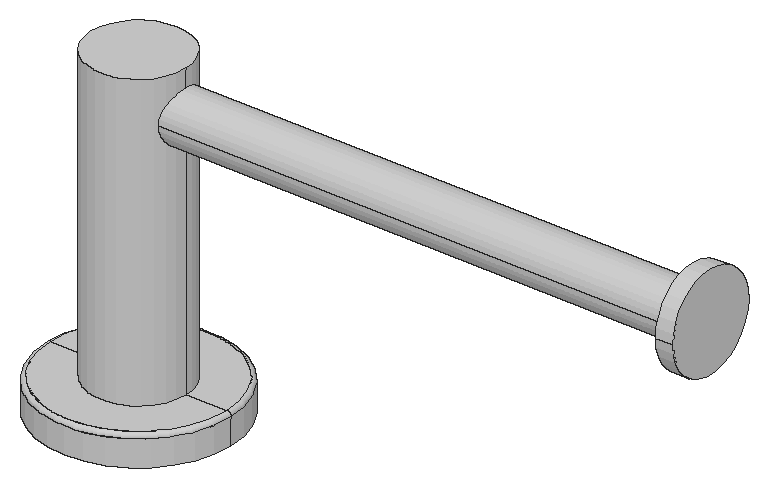
Revit family "LIANO II TOILET ROLL HOLDER", category Specialty Equipment, host Face, Revit 2020
Family settings
  Host = Face
  Round Connector Dimension = Use Radius
  Part Type = Normal
  OmniClass Number = 23.40.20.21.21
  OmniClass Title = Toilet Paper Dispensers
  Cut with Voids When Loaded = No
  Shared = No
  Room Calculation Point = No
Parameters (values of type "LIANO II TOILET ROLL HOLDER - CHROME")
  URL = "https://www.caroma.com.au/"
  Model = "96441C"
  Material_Base = GWA_Metal-Chrome
  Manufacturer = "GWA Bathrooms & Kitchens"  # constant formula
  Description = "LIANO II TOILET ROLL HOLDER - CHROME"
  Default Elevation = 1000.00 mm
  CreatedBy_ANZRS = "GWA Bathrooms & Kitchens"  # constant formula
  Assembly Code = "C1030220"
Types (7, lengths in mm): name | Model | Material_Base | Description
  (no name) | "96441C" | GWA_Metal-Chrome | "LIANO II TOILET ROLL HOLDER - CHROME"
  LIANO II TOILET ROLL HOLDER - CHROME | "96441C" | GWA_Metal-Chrome | "LIANO II TOILET ROLL HOLDER - CHROME"
  LIANO II TOILET ROLL HOLDER - MATTE BLACK | "96441B" | GWA-Metal-Black | "LIANO II TOILET ROLL HOLDER - MATTE BLACK"
  LIANO II TOILET ROLL HOLDER - BRUSHED NICKEL | "96441BN" | GWA_Metal-Brushed-Nickel | "LIANO II TOILET ROLL HOLDER - BRUSHED NICKEL"
  LIANO II TOILET ROLL HOLDER - BRUSHED BRASS | "96441BB" | GWA_Metal-Brushed-Brass | "LIANO II TOILET ROLL HOLDER - BRUSHED BRASS"
  LIANO II TOILET ROLL HOLDER - GUNMETAL | "96441GM" | GWA-Metal-Gunmetal Grey | "LIANO II TOILET ROLL HOLDER - GUNMETAL"
  LIANO II TOILET ROLL HOLDER - BRUSHED BRONZE | "96441BBZ" | GWA_Metal-Brushed-Bronze | "LIANO II TOILET ROLL HOLDER - BRUSHED BRONZE"
Reference planes
  plane 1 "Center (Front/Back)": y = 0
  plane 2: z = 0
  plane 3 "Center (Left/Right)": x = 0
Forms (mm)
  Revolve 1, solid, material "GWA_Metal-Chrome" <- "Material_Base"
    sketch origin (0, 0, 0) x (1, 0, 0) y (0, 0, 1)
      loop
        line (0, 7) -> (0, 0) -> (21.5, 0) -> (21.5, 6)
        arc (21.5, 6) -> (21.207, 6.707) -> (20.5, 7) r 1
        line (20.5, 7) -> (0, 7)
      axis (0, 0) -> (0, 7)
    angle from 0 to 360
  Extrusion 2, solid, material "GWA_Metal-Chrome" <- "Material_Base"
    sketch origin (0, 0, 0) x (1, 0, 0) y (0, 1, 0)
      loop
        circle (0, 0) r 11
    from 0 to 75
  Extrusion 3, solid, material "GWA_Metal-Chrome" <- "Material_Base"
    sketch origin (0, 0, 0) x (0, 1, 0) y (0, 0, 1)
      loop
        circle (0, 65) r 6
    from 0 to 129
  Extrusion 4, solid, material "GWA_Metal-Chrome" <- "Material_Base"
    sketch origin (0, 0, 0) x (0, 1, 0) y (0, 0, 1)
      loop
        circle (0, 65) r 11
    from 129 to 133
Cuts and joins
  joined: Revolve 1, Extrusion 2, Extrusion 3, Extrusion 4
Lines and regions (mm)
  Masking region 1
    outline origin (125, 0, 0) x (1, 0, 0) y (0, 1, 0)
      loop
        line (4, 6) -> (-104.354, 6)
        arc (-104.354, 6) -> (-146.5, 0) -> (-104.354, -6) r 21.5
        line (-104.354, -6) -> (4, -6) -> (4, -11) -> (8, -11) -> (8, 11) -> (4, 11) -> (4, 6)
  Masking region 2
    outline origin (125, 0, 0) x (1, 0, 0) y (0, 0, 1)
      loop
        line (-136, 7) -> (-145.5, 7)
        arc (-145.5, 7) -> (-146.207, 6.707) -> (-146.5, 6) r 1
        line (-146.5, 6) -> (-146.5, 0) -> (-103.5, 0) -> (-103.5, 6)
        arc (-103.5, 6) -> (-103.793, 6.707) -> (-104.5, 7) r 1
        line (-104.5, 7) -> (-114, 7) -> (-114, 59) -> (4, 59) -> (4, 54) -> (8, 54) -> (8, 76) -> (4, 76) -> (4, 71) -> (-114, 71) -> (-114, 75) -> (-136, 75) -> (-136, 7)
  Masking region 3
    outline origin (300, 0, 0) x (0, 1, 0) y (0, 0, 1)
      loop
        line (11, 7) -> (11, 75) -> (4.583, 75)
        arc (4.583, 75) -> (0, 76) -> (-4.583, 75) r 11
        line (-4.583, 75) -> (-11, 75) -> (-11, 7) -> (-20.5, 7)
        arc (-20.5, 7) -> (-21.207, 6.707) -> (-21.5, 6) r 1
        line (-21.5, 6) -> (-21.5, 0) -> (21.5, 0) -> (21.5, 6)
        arc (21.5, 6) -> (21.207, 6.707) -> (20.5, 7) r 1
        line (20.5, 7) -> (11, 7)
  symbolic lines
    curve 1: arc (20.646, 6, 0) -> (-21.5, 0, 0) -> (20.646, -6, 0) r 21.5
    curve 2: circle (0, 0, 0) r 11 normal (0, 0, 1)
    curve 3: line (129, 6, 0) -> (9.22, 6, 0)
    curve 4: line (129, -6, 0) -> (9.22, -6, 0)
    curve 5: line (129, 0, 59) -> (11, 0, 59)
    curve 6: line (129, 0, 71) -> (11, 0, 71)
    curve 7: line (-21.5, 0, 0) -> (-21.5, 0, 6)
    curve 8: line (-20.5, 0, 7) -> (20.5, 0, 7)
    curve 9: line (21.5, 0, 0) -> (21.5, 0, 6)
    curve 10: line (21.5, 0, 0) -> (-21.5, 0, 0)
    curve 11: line (-11, 0, 75) -> (11, 0, 75)
    curve 12: line (11, 0, 75) -> (11, 0, 71)
    curve 13: line (-11, 0, 75) -> (-11, 0, 7)
    curve 14: arc (-21.5, 0, 6) -> (-21.207, 0, 6.707) -> (-20.5, 0, 7) r 1
    curve 15: arc (20.5, 0, 7) -> (21.207, 0, 6.707) -> (21.5, 0, 6) r 1
    curve 16: arc (11, 0, 71) -> (9.22, 0, 65) -> (11, 0, 59) r 11
    curve 17: line (11, 0, 59) -> (11, 0, 7)
    curve 18: line (300, -21.5, 0) -> (300, 21.5, 0)
    curve 19: line (300, 21.5, 0) -> (300, 21.5, 6)
    curve 20: line (300, 20.5, 7) -> (300, -20.5, 7)
    curve 21: line (300, -21.5, 6) -> (300, -21.5, 0)
    curve 22: line (300, 11, 75) -> (300, 11, 7)
    curve 23: line (300, -11, 75) -> (300, -11, 7)
    curve 24: arc (300, -21.5, 6) -> (300, -21.207, 6.707) -> (300, -20.5, 7) r 1
    curve 25: arc (300, 20.5, 7) -> (300, 21.207, 6.707) -> (300, 21.5, 6) r 1
    curve 26: line (129, 11, 0) -> (133, 11, 0)
    curve 27: line (129, -11, 0) -> (129, 11, 0)
    curve 28: line (133, -11, 0) -> (129, -11, 0)
    curve 29: line (133, 11, 0) -> (133, -11, 0)
    curve 30: line (133, 0, 76) -> (129, 0, 76)
    curve 31: line (133, 0, 54) -> (133, 0, 76)
    curve 32: line (129, 0, 54) -> (133, 0, 54)
    curve 33: line (129, 0, 76) -> (129, 0, 54)
    curve 34: circle (300, 0, 65) r 11 normal (1, 0, 0)
    curve 35: line (300, -11, 75) -> (300, -4.583, 75)
    curve 36: line (300, 11, 75) -> (300, 4.583, 75)
Dimensions and locks
  aligned and locked: plane 2 to host face
  aligned and locked: level to host face
